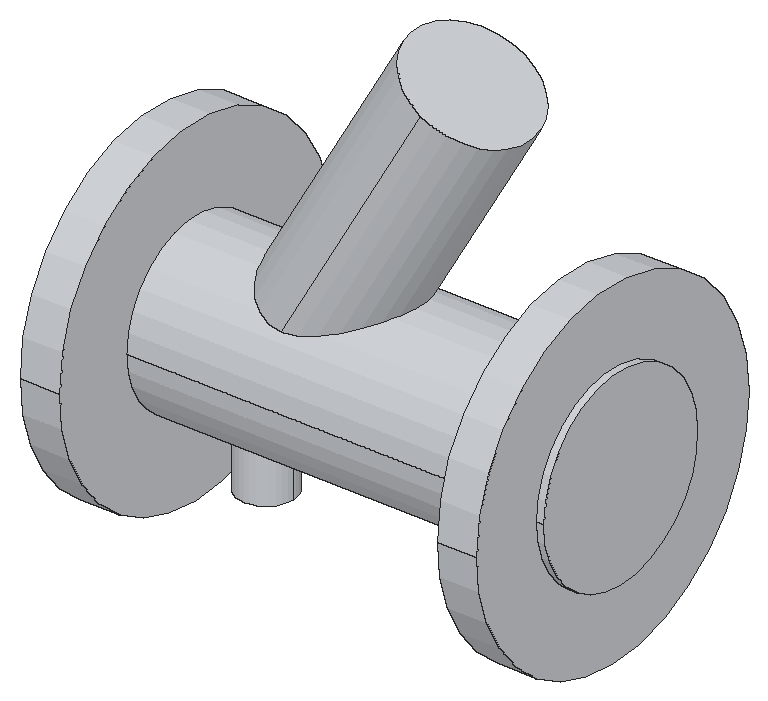
Revit family "HS 821-síto_jemné-PN16-DN025-RFA_2018", category Pipe Accessories, Revit 2018
Family settings
  Round Connector Dimension = Use Diameter
  Part Type = Breaks Into
  Work Plane-Based = No
  Always vertical = Yes
  Cut with Voids When Loaded = No
  Shared = No
Parameters (values of type "821A-DN025-PN16-síto_jemné")
  magiProductId = "be378b463ed14c3abf4c9b3ae8cf3a"
  magiProductFamilyId = "79214ac3aaa945e397802f559f5c1e"
  magiPartTypeId = 307
  isMeasuringValve [instance] = no
  ang2D [instance] = 0.00°
  ZB__ve = -ZB  # -19.25 mm
  ZB1 = 26.325 mm
  ZB = 19.25 mm
  X2 = 58.601 mm
  X1 = 22.4 mm
  W2D = 15 mm
  VersionID = "2.0/2017.9.26.1/ZETKAMA_821_001"
  Use Minimum Symbol Size [instance] = yes
  URL = "www.hydronix.cz"
  Type Comments = "Filtr přírubový; síto jemné; A-PN16 (-10~300°C); D-PN25 (-10~350°C); F-PN40 (-10~400°C)"
  S = 65 mm
  QmdConnectorList = "301;D;302;D"
  Productdata [instance] = ""
  Manufacturer = "Hydronix"
  MC Product Code = "210 125 (821A; DN025; PN16; kvs14,2; oko síta 0,63mm)"
  LM1 = 12.8 mm
  LM = 128 mm
  L4 = 40 mm
  L2D_Min = 3048 mm
  L2D = 130 mm
  L2 = 80 mm
  HH2 = 101.5 mm
  FD = 115 mm
  Description = "Filtr přírubový; síto jemné; 821A-PN16; 821D-PN25; 821F-PN40"
  DM1 = 43.2 mm
  DM = 58.5 mm
  D = 25 mm
  CC = 2.72 mm
  CAT0 = yes
  C1 = 13.28 mm
  C = 16 mm
  BD = 18.427 mm
Types (40, lengths in mm): name | magiProductId | ZB__ve | ZB1 | ZB | X2 | X1 | S | MC Product Code | LM1 | LM | L4 | L2 | HH2 | FD | DM1 | DM | D | CC | C1 | C | BD
  821A-DN015-PN16-síto_jemné | "a71bcfe8b393460598b23e8ddf7dc5" | -16.25 | 18.63 | 16.25 | 46.982 | 18.2 | 46 | "210 115 (821A; DN015; PN16; kvs6,2; oko síta 0,63mm)" | 10.4 | 104 | 32.5 | 65 | 81.375 | 95 | 27.6 | 41.4 | 15 | 2.21 | 10.79 | 13 | 13.041
  821A-DN020-PN16-síto_jemné | "41cd6c7a12924f4991217528336076" | -17.75 | 22.68 | 17.75 | 51.673 | 21 | 56 | "210 120 (821A; DN020; PN16; kvs9,6; oko síta 0,63mm)" | 12 | 120 | 37.5 | 75 | 89.5 | 105 | 33.6 | 50.4 | 20 | 2.55 | 12.45 | 15 | 15.876
  821A-DN025-PN16-síto_jemné | "be378b463ed14c3abf4c9b3ae8cf3a" | -19.25 | 26.325 | 19.25 | 58.601 | 22.4 | 65 | "210 125 (821A; DN025; PN16; kvs14,2; oko síta 0,63mm)" | 12.8 | 128 | 40 | 80 | 101.5 | 115 | 43.2 | 58.5 | 25 | 2.72 | 13.28 | 16 | 18.427
  821A-DN032-PN16-síto_jemné | "227a0d18b21540afabe8b6067d35fa" | -23 | 30.78 | 23 | 68.849 | 25.2 | 76 | "210 132 (821A; DN032; PN16; kvs23,1; oko síta 0,63mm)" | 14.4 | 144 | 45 | 90 | 119.25 | 140 | 50.4 | 68.4 | 32 | 3.06 | 14.94 | 18 | 21.546
  821A-DN040-PN16-síto_jemné | "d106917c74724141a10440112d0102" | -24.5 | 34.02 | 24.5 | 75.777 | 28 | 84 | "210 140 (821A; DN040; PN16; kvs36,6; oko síta 0,63mm)" | 16 | 160 | 50 | 100 | 131.25 | 150 | 60 | 75.6 | 40 | 3.4 | 16.6 | 20 | 23.814
  821A-DN050-PN16-síto_jemné | "8255d456a09e4f6486734f5dd9171b" | -26.75 | 40.095 | 26.75 | 79.061 | 32.2 | 99 | "210 150 (821A; DN050 PN16; kvs53,7; oko síta 0,63mm)" | 18.4 | 184 | 57.5 | 115 | 136.938 | 165 | 73.8 | 89.1 | 50 | 3.91 | 19.09 | 23 | 28.066
  821A-DN065-PN16-síto_jemné | "235b1b3e4c0843779a4d5e3716d40a" | -29.75 | 47.79 | 29.75 | 86.927 | 40.6 | 118 | "210 165 (821A; DN065; PN16; kvs95,1; oko síta 0,63mm)" | 23.2 | 232 | 72.5 | 145 | 150.562 | 185 | 94.2 | 106.2 | 65 | 4.93 | 24.07 | 29 | 33.453
  821A-DN080-PN16-síto_jemné | "a067f7c5236348ed8c820d16df7214" | -32 | 53.46 | 32 | 104.753 | 43.4 | 132 | "210 180 (821A; DN080; PN16; kvs137,1; oko síta 0,63mm)" | 24.8 | 248 | 77.5 | 155 | 181.438 | 200 | 107.4 | 118.8 | 80 | 5.27 | 25.73 | 31 | 37.422
  821A-DN100-PN16-síto_jemné | "c49a648c2747461285837d643703cd" | -35 | 63.18 | 35 | 114.857 | 49 | 156 | "210 190 (821A; DN100; PN16; kvs206,4; oko síta 0,63mm)" | 28 | 280 | 87.5 | 175 | 198.937 | 220 | 131.4 | 140.4 | 100 | 5.95 | 29.05 | 35 | 44.226
  821A-DN125-PN16-síto_jemné | "bf68e728a163493cbd2a663b26ebdc" | -39.5 | 74.52 | 39.5 | 131.888 | 56 | 184 | "210 191 (821A; DN125; PN16; kvs268,8; oko síta 0,63mm)" | 32 | 320 | 100 | 200 | 228.438 | 250 | 165 | 165.6 | 125 | 6.8 | 33.2 | 40 | 52.164
  821A-DN150-PN16-síto_jemné | "2de770284b654863ae6bc865769dc5" | -44.75 | 85.455 | 44.75 | 155.885 | 67.2 | 211 | "210 192 (821A; DN150; PN16; kvs401,4; oko síta 0,63mm)" | 38.4 | 384 | 120 | 240 | 270 | 285 | 192 | 189.9 | 150 | 8.16 | 39.84 | 48 | 59.818
  821A-DN200-PN16-síto_jemné | "8e5693371ab64aabb29a7f08c76e15" | -53 | 107.73 | 53 | 188.361 | 84 | 266 | "210 193 (821A; DN200; PN16; kvs706,7; oko síta 0,63mm)" | 48 | 480 | 150 | 300 | 326.25 | 340 | 252 | 239.4 | 200 | 10.2 | 49.8 | 60 | 75.411
  821A-DN250-PN16-síto_jemné | "05e37ed948c34047acdd4c42556504" | -62.75 | 129.195 | 62.75 | 255.911 | 102.2 | 319 | "210 194 (821A; DN250; PN16; kvs1229,4; oko síta 0,63mm)" | 58.4 | 584 | 182.5 | 365 | 443.25 | 405 | 309.6 | 287.1 | 250 | 12.41 | 60.59 | 73 | 90.436
  821A-DN300-PN16-síto_jemné | "9ad0af747269428da925480d83ce80" | -71 | 149.85 | 71 | 325.914 | 119 | 370 | "210 195 (821A; DN300; PN16; kvs1902,4; oko síta 0,63mm)" | 68 | 680 | 212.5 | 425 | 564.5 | 460 | 369.6 | 333 | 300 | 14.45 | 70.55 | 85 | 104.895
  821A-DN350-PN16-síto_jemné | "eebc71459bb3451bb4355e7951370a" | -80 | 173.745 | 80 | 356.875 | 137.2 | 429 | "200 196 (821A; DN350; PN16; kvs2611,0; oko síta 0,63mm)" | 78.4 | 784 | 245 | 490 | 618.125 | 520 | 438 | 386.1 | 350 | 16.66 | 81.34 | 98 | 121.621
  821A-DN400-PN16-síto_jemné | "d2f677cb196647e385b2590e7d8abe" | -89 | 194.4 | 89 | 392.237 | 154 | 480 | "210 197 (821A; DN400; PN16; kvs3438,4; oko síta 0,63mm)" | 88 | 880 | 275 | 550 | 679.375 | 580 | 498 | 432 | 400 | 18.7 | 91.3 | 110 | 136.08
  821D-DN015-PN25-síto_jemné | "27ddcbf555414f8ca1fde329bf9087" | -16.25 | 18.63 | 16.25 | 46.982 | 18.2 | 46 | "210 215 (821D; DN015; PN25; kvs6,2; oko síta 0,63mm)" | 10.4 | 104 | 32.5 | 65 | 81.375 | 95 | 27.6 | 41.4 | 15 | 2.21 | 10.79 | 13 | 13.041
  821D-DN020-PN25-síto_jemné | "270e0f14012f47189cd0235c18faee" | -17.75 | 22.68 | 17.75 | 51.673 | 21 | 56 | "210 220 (821D; DN020; PN25; kvs9,6; oko síta 0,63mm)" | 12 | 120 | 37.5 | 75 | 89.5 | 105 | 33.6 | 50.4 | 20 | 2.55 | 12.45 | 15 | 15.876
  821D-DN025-PN25-síto_jemné | "b9a7fb4aa36643878c637d8e1ab992" | -19.25 | 26.325 | 19.25 | 58.601 | 22.4 | 65 | "210 225 (821D; DN025; PN25; kvs14,2; oko síta 0,63mm)" | 12.8 | 128 | 40 | 80 | 101.5 | 115 | 43.2 | 58.5 | 25 | 2.72 | 13.28 | 16 | 18.427
  821D-DN032-PN25-síto_jemné | "6be9a55c4e68400f94eec7e804204c" | -23 | 30.78 | 23 | 68.849 | 25.2 | 76 | "210 232 (821D; DN032; PN25; kvs23,1; oko síta 0,63mm)" | 14.4 | 144 | 45 | 90 | 119.25 | 140 | 50.4 | 68.4 | 32 | 3.06 | 14.94 | 18 | 21.546
  821D-DN040-PN25-síto_jemné | "c54511bd7f584ec2984291479612cb" | -24.5 | 34.02 | 24.5 | 75.777 | 28 | 84 | "210 240 (821D; DN040; PN25; kvs36,6; oko síta 0,63mm)" | 16 | 160 | 50 | 100 | 131.25 | 150 | 60 | 75.6 | 40 | 3.4 | 16.6 | 20 | 23.814
  821D-DN050-PN25-síto_jemné | "5483b1f596b04cd39b23a14a22c90e" | -26.75 | 40.095 | 26.75 | 79.061 | 32.2 | 99 | "210 250 (821D; DN050; PN25; kvs53,7; oko síta 0,63mm)" | 18.4 | 184 | 57.5 | 115 | 136.938 | 165 | 73.8 | 89.1 | 50 | 3.91 | 19.09 | 23 | 28.066
  821D-DN065-PN25-síto_jemné | "767b0f8318e94750bc7a9930ed5b30" | -29.75 | 47.79 | 29.75 | 86.927 | 40.6 | 118 | "210 265 (821D; DN065; PN25; kvs95,1; oko síta 0,63mm)" | 23.2 | 232 | 72.5 | 145 | 150.562 | 185 | 94.2 | 106.2 | 65 | 4.93 | 24.07 | 29 | 33.453
  821D-DN080-PN25-síto_jemné | "e21040fa3cc2404b858198f6b73709" | -32 | 53.46 | 32 | 104.753 | 43.4 | 132 | "210 280 (821D; DN080; PN25; kvs137,1; oko síta 0,63mm)" | 24.8 | 248 | 77.5 | 155 | 181.438 | 200 | 107.4 | 118.8 | 80 | 5.27 | 25.73 | 31 | 37.422
  821D-DN100-PN25-síto_jemné | "175ca87a506b40b3bc6b82f12f33cf" | -37.25 | 63.18 | 37.25 | 114.857 | 49 | 156 | "210 290 (821D; DN100; PN25; kvs206,4; oko síta 0,63mm)" | 28 | 280 | 87.5 | 175 | 198.937 | 235 | 131.4 | 140.4 | 100 | 5.95 | 29.05 | 35 | 44.226
  821D-DN125-PN25-síto_jemné | "77cc98d60da24855999a22dff726b2" | -42.5 | 74.52 | 42.5 | 131.888 | 56 | 184 | "210 291 (821D; DN125; PN25; kvs268,8; oko síta 0,63mm)" | 32 | 320 | 100 | 200 | 228.438 | 270 | 165 | 165.6 | 125 | 6.8 | 33.2 | 40 | 52.164
  821D-DN150-PN25-síto_jemné | "9cf8acfcd15547d68e83172d3abcbe" | -47 | 85.455 | 47 | 155.885 | 67.2 | 211 | "210 292 (821D; DN150; PN25; kvs401,4; oko síta 0,63mm)" | 38.4 | 384 | 120 | 240 | 270 | 300 | 192 | 189.9 | 150 | 8.16 | 39.84 | 48 | 59.818
  821D-DN200-PN25-síto_jemné | "16973f3c9ea14389ba8602495a6b64" | -56 | 110.97 | 56 | 188.361 | 84 | 274 | "210 293 (821D; DN200; PN25; kvs706,7; oko síta 0,63mm)" | 48 | 480 | 150 | 300 | 326.25 | 360 | 252 | 246.6 | 200 | 10.2 | 49.8 | 60 | 77.679
  821F-DN015-PN40-síto_jemné | "4c7eaf3c4c0340888b3e684d8a8616" | -16.25 | 18.225 | 16.25 | 46.982 | 18.2 | 45 | "250 615 (821F; DN015; PN40; kvs6,2; oko síta 0,63mm)" | 10.4 | 104 | 32.5 | 65 | 81.375 | 95 | 27.6 | 40.5 | 15 | 2.21 | 10.79 | 13 | 12.757
  821F-DN020-PN40-síto_jemné | "aaac5f1ec96b44d6ba96ac2293d66d" | -17.75 | 23.49 | 17.75 | 51.673 | 21 | 58 | "250 620 (821F; DN020; PN40; kvs9,6; oko síta 0,63mm)" | 12 | 120 | 37.5 | 75 | 89.5 | 105 | 33.6 | 52.2 | 20 | 2.55 | 12.45 | 15 | 16.443
  821F-DN025-PN40-síto_jemné | "504768023968471481789485b54c7e" | -19.25 | 27.54 | 19.25 | 58.601 | 22.4 | 68 | "250 625 (821F; DN025; PN40; kvs14,2; oko síta 0,63mm)" | 12.8 | 128 | 40 | 80 | 101.5 | 115 | 43.2 | 61.2 | 25 | 2.72 | 13.28 | 16 | 19.278
  821F-DN032-PN40-síto_jemné | "165e7f39cf744f329bdf1c400dad12" | -23 | 31.59 | 23 | 68.849 | 25.2 | 78 | "250 632 (821F; DN032; PN40; kvs23,1; oko síta 0,63mm)" | 14.4 | 144 | 45 | 90 | 119.25 | 140 | 50.4 | 70.2 | 32 | 3.06 | 14.94 | 18 | 22.113
  821F-DN040-PN40-síto_jemné | "b8903f952089408fbf3a5a632bab1f" | -24.5 | 35.64 | 24.5 | 75.777 | 28 | 88 | "250 640 (821F; DN040; PN40; kvs36,6; oko síta 0,63mm)" | 16 | 160 | 50 | 100 | 131.25 | 150 | 60 | 79.2 | 40 | 3.4 | 16.6 | 20 | 24.948
  821F-DN050-PN40-síto_jemné | "c451f97266fe48da8f879cb6a2bd44" | -26.75 | 41.31 | 26.75 | 79.061 | 32.2 | 102 | "250 650 (821F; DN050; PN40; kvs53,7; oko síta 0,63mm)" | 18.4 | 184 | 57.5 | 115 | 136.938 | 165 | 73.8 | 91.8 | 50 | 3.91 | 19.09 | 23 | 28.917
  821F-DN065-PN40-síto_jemné | "dc9821e3f9b34e128f6a8c6b34c198" | -29.75 | 49.41 | 29.75 | 86.927 | 40.6 | 122 | "250 665 (821F; DN065; PN40; kvs95,1; oko síta 0,63mm)" | 23.2 | 232 | 72.5 | 145 | 150.562 | 185 | 94.2 | 109.8 | 65 | 4.93 | 24.07 | 29 | 34.587
  821F-DN080-PN40-síto_jemné | "689aa1e260f84cf4994f027a1d86b5" | -32 | 55.89 | 32 | 104.753 | 43.4 | 138 | "250 680 (821F; DN080; PN40; kvs137,1; oko síta 0,63mm)" | 24.8 | 248 | 77.5 | 155 | 181.438 | 200 | 107.4 | 124.2 | 80 | 5.27 | 25.73 | 31 | 39.123
  821F-DN100-PN40-síto_jemné | "8a45d4e8e2ab425f8c432f21d684f3" | -37.25 | 65.61 | 37.25 | 114.857 | 49 | 162 | "250 690 (821F; DN100; PN40; kvs206,4; oko síta 0,63mm)" | 28 | 280 | 87.5 | 175 | 198.937 | 235 | 131.4 | 145.8 | 100 | 5.95 | 29.05 | 35 | 45.927
  821F-DN125-PN40-síto_jemné | "cf073904c006406b8645afa67ea2fc" | -42.5 | 76.14 | 42.5 | 131.888 | 56 | 188 | "250 691 (821F; DN125; PN40; kvs268,8; oko síta 0,63mm)" | 32 | 320 | 100 | 200 | 228.438 | 270 | 165 | 169.2 | 125 | 6.8 | 33.2 | 40 | 53.298
  821F-DN150-PN40-síto_jemné | "0153b9ddabe14992a630484929fdbc" | -47 | 88.29 | 47 | 155.885 | 67.2 | 218 | "250 692 (821F; DN150; PN40; kvs401,4; oko síta 0,63mm)" | 38.4 | 384 | 120 | 240 | 270 | 300 | 192 | 196.2 | 150 | 8.16 | 39.84 | 48 | 61.803
  821F-DN200-PN40-síto_jemné | "7fb3fc01dd8d42428c203e3f8dd4d5" | -56 | 115.425 | 56 | 188.361 | 84 | 285 | "250 693 (821F; DN200; PN40; kvs706,7; oko síta 0,63mm)" | 48 | 480 | 150 | 300 | 326.25 | 360 | 252 | 256.5 | 200 | 10.2 | 49.8 | 60 | 80.797
Reference planes
  plane 1 "Center (Front/Back)": y = 0
  plane 2 "XYPLANE": z = 0
  plane 3 "Center (Left/Right)": x = 0
  plane 4 "109": x = -51.2
  plane 5 "108": x = 64
  plane 6 "107": x = -64
  plane 7 "105": x = 80
  plane 8 "104": x = -80
  plane 9 "103": y = 0
  plane 10 "102": z = 0
  plane 11 "101": x = -77.28
  plane 12 "100": x = 77.28
  plane 13 "11": x = -28.8
  plane 14 "10": z = 101.5
  plane 15 "9": x = 29.801
  plane 16 "5": z = -26.325
  plane 17 "4": x = -40
  plane 18 "1": x = 40
Forms (mm)
  Extrusion 1, solid, visible <- "CAT0"
    sketch origin (-64, -750, 0) x (0, 1, 0) y (0, 0, 1)
      loop
        circle (750, 0) r 29.25
    from 0 to 128 <- "LM"
  Extrusion 2, solid
    sketch origin (-80, -750, 0) x (0, 1, 0) y (0, 0, 1)
      loop
        circle (750, 0) r 32.5
    from 0 to 2.72 <- "CC"
  Extrusion 3, solid
    sketch origin (-77.28, -750, 0) x (0, 1, 0) y (0, 0, 1)
      loop
        circle (750, 0) r 57.5
    from 0 to 13.28 <- "C1"
  Extrusion 4, solid
    sketch origin (64, -750, 0) x (0, 1, 0) y (0, 0, 1)
      loop
        circle (750, 0) r 57.5
    from 0 to 13.28 <- "C1"
  Extrusion 5, solid
    sketch origin (77.28, -750, 0) x (0, 1, 0) y (0, 0, 1)
      loop
        circle (750, 0) r 32.5
    from 0 to 2.72 <- "CC"
  Sweep 6, solid, visible <- "CAT0"
    path origin (750, 0, 0) x (-1, 0, 0) y (0, 0, 1)
      loop
        line (814, 0) -> (778.8, 0) -> (720.199, 101.5)
    profile origin (-64, 0, 0) x (0, 0, -1) y (0, 1, 0)
      loop
        circle (0, 0) r 21.6
  Extrusion 7, solid, visible <- "CAT0"
    sketch origin (-750, 0, -26.325) x (1, 0, 0) y (0, 1, 0)
      loop
        circle (710, 0) r 9.214
    from 0 to -19.25 <- "ZB__ve"
  Extrusion 8, solid, visible <- "CAT0"
    sketch origin (-750, 0, -26.325) x (1, 0, 0) y (0, 1, 0)
      loop
        circle (790, 0) r 9.214
    from 0 to -19.25 <- "ZB__ve"
  Extrusion 9, solid, not visible
    sketch origin (80, -750, 0) x (0, 1, 0) y (0, 0, 1)
      loop
        circle (750, 0) r 10
    from 0 to -10
  Extrusion 10, solid, not visible
    sketch origin (-80, -750, 0) x (0, 1, 0) y (0, 0, 1)
      loop
        circle (750, 0) r 10
    from 0 to 10
Lines and regions (mm)
  reference lines, not visible
    curve 1: circle (2, 2, 0) r 1 normal (0, 0, 1)
Dimensions and locks
  plane 1 "Center (Front/Back)" to curve 1 = 2 mm
  "LM1": plane 6 "107" to plane 4 "109"
  "LM": plane 6 "107" to plane 5 "108"
  "C": plane 8 "104" to plane 6 "107"
  "L2": plane 3 "Center (Left/Right)" to plane 7 "105"
  "L2": plane 3 "Center (Left/Right)" to plane 8 "104"
  locked: plane 1 "Center (Front/Back)" to plane 9 "103"
  locked: plane 2 "XYPLANE" to plane 10 "102"
  "CC": plane 8 "104" to plane 11 "101"
  "C1": plane 5 "108" to plane 12 "100"
  "X1": plane 4 "109" to plane 13 "11"
  "HH2": plane 2 "XYPLANE" to plane 14 "10"
  "X2": plane 13 "11" to plane 15 "9"
  "ZB1": plane 2 "XYPLANE" to plane 16 "5"
  "L4": plane 8 "104" to plane 17 "4"
  "L2": plane 17 "4" to plane 18 "1"
  Sweep 6 sketch curve to Sweep 6 sketch curve = 0 mm  (x2)
  "DM": diameter of Extrusion 1 sketch curve
  "S": diameter of Extrusion 2 sketch curve
  "FD": diameter of Extrusion 3 sketch curve
  "FD": diameter of Extrusion 4 sketch curve
  "S": diameter of Extrusion 5 sketch curve
  "DM1": diameter of Sweep 6 sketch curve
  "BD": diameter of Extrusion 7 sketch curve
  "BD": diameter of Extrusion 8 sketch curve
  aligned and locked: level to plane 2 "XYPLANE"
  aligned and locked: Extrusion 1 sketch curve to plane 9 "103"
  aligned and locked: plane 10 "102" to Extrusion 1 sketch curve
  aligned and locked: Extrusion 2 sketch curve to plane 9 "103"
  aligned and locked: plane 10 "102" to Extrusion 2 sketch curve
  aligned and locked: Extrusion 3 sketch curve to plane 9 "103"
  aligned and locked: plane 10 "102" to Extrusion 3 sketch curve
  aligned and locked: Extrusion 4 sketch curve to plane 9 "103"
  aligned and locked: plane 10 "102" to Extrusion 4 sketch curve
  aligned and locked: Extrusion 5 sketch curve to plane 9 "103"
  aligned and locked: plane 10 "102" to Extrusion 5 sketch curve
  aligned and locked: Sweep 6 sketch curve to plane 9 "103"
  aligned and locked: plane 10 "102" to Sweep 6 sketch curve  (x3)
  aligned and locked: plane 6 "107" to Sweep 6 sketch curve
  aligned and locked: plane 13 "11" to Sweep 6 sketch curve
  aligned and locked: plane 14 "10" to Sweep 6 sketch curve
  aligned and locked: plane 15 "9" to Sweep 6 sketch curve
  aligned and locked: plane 9 "103" to Extrusion 7 sketch curve
  aligned and locked: plane 17 "4" to Extrusion 7 sketch curve
  aligned and locked: plane 9 "103" to Extrusion 8 sketch curve
  aligned and locked: plane 18 "1" to Extrusion 8 sketch curve
  aligned and locked: Extrusion 9 sketch curve to plane 9 "103"
  aligned and locked: plane 10 "102" to Extrusion 9 sketch curve
  aligned and locked: Extrusion 10 sketch curve to plane 9 "103"
  aligned and locked: plane 10 "102" to Extrusion 10 sketch curve
Automatic sketch dimensions
  plane 1 "Center (Front/Back)" to Extrusion 9 sketch curve = 10 mm
  plane 1 "Center (Front/Back)" to Extrusion 10 sketch curve = 10 mm
  plane 3 "Center (Left/Right)" to curve 1 = 2 mm
  radius of curve 1 = 1 mm
Connectors
  piping at (-80, 0, 0), diameter 25, driven by "D"
    settings: on Extrusion 10, index 1, connector inside diameter 609.6 mm, connector length 0 mm, flow factor 0, pipe flow 0.0 L/s, pressure drop 0.0 Pa, fitting loss kfactor 0, connector angle 0.00°, fixture units 0, engagement length 0 mm, angle of deflection 0.00°, flow configuration 0, flow direction 0, fitting loss method 0, system type 29, joint type 0, gender type 0, connector reference index 2, connector utility 0, adjustable connector no, is connector primary yes, connector description ""
  piping at (80, 0, 0), diameter 25, driven by "D"
    settings: on Extrusion 9, index 2, connector inside diameter 609.6 mm, connector length 0 mm, flow factor 0, pipe flow 0.0 L/s, pressure drop 0.0 Pa, fitting loss kfactor 0, connector angle 0.00°, fixture units 0, engagement length 0 mm, angle of deflection 0.00°, flow configuration 0, flow direction 0, fitting loss method 0, system type 29, joint type 0, gender type 0, connector reference index 1, connector utility 0, adjustable connector no, is connector primary no, connector description ""
